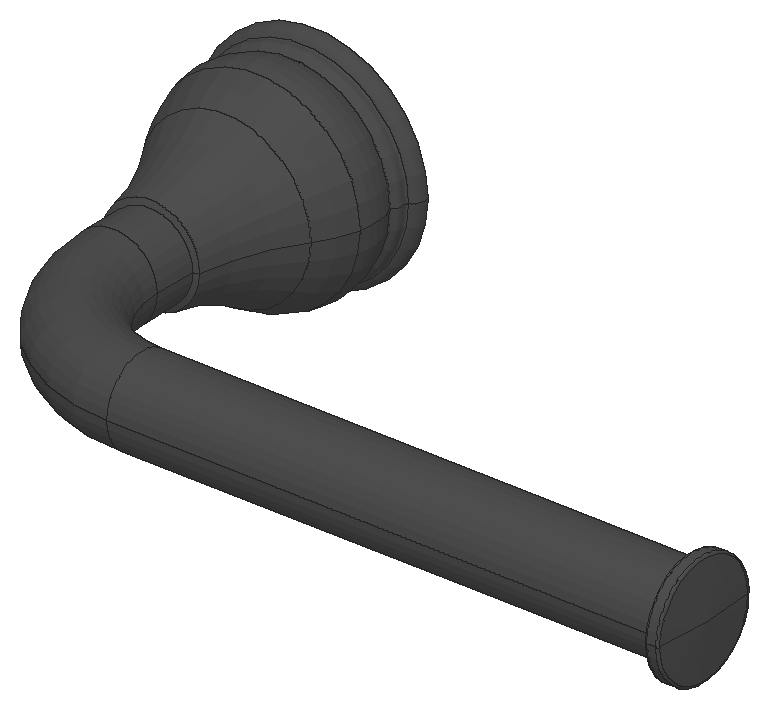
Revit family "Reece_Accessory_Milli_Monument Edit_Toilet Roll Holder", category Plumbing Fixtures, Revit 2018
Family settings
  Round Connector Dimension = Use Diameter
  Part Type = Normal
  Work Plane-Based = Yes
  Always vertical = Yes
  Cut with Voids When Loaded = Yes
  Shared = Yes
  Room Calculation Point = Yes
Parameters (values of type "Matte Black")
  URL = "https://www.reece.com.au/product/-2265440"
  Type Comments = "Accessory"
  Reece_Product_Web Page = "https://www.reece.com.au/product/-2265440"
  Reece_Product_Type = "Accessory"  # constant formula
  Reece_Product_Sub Brand = "Monument Edit"  # constant formula
  Reece_Product_Number = "2265440"
  Reece_Product_Mount = "Wall Mounted"
  Reece_Product_Description = "Milli Monument Edit Toilet Roll Holder Matte Black"
  Reece_Product_Brand = "Milli"  # constant formula
  Reece_Overall_Width = 95 mm  # constant formula
  Reece_Overall_Length = 180 mm  # constant formula
  Reece_Overall_Height = 50 mm  # constant formula
  Reece_Material_Main = Reece_Brass_Matte Black
  Reece_Height_From_Level [instance] = 500 mm
  Reece_Detail_Installation = "Wall Mounted"  # constant formula
  Reece_Detail_Disclaimer = "THIS FILE IS THE PROPERTY OF THE REECE GROUP. IT MAY NOT BE REPRODUCED, REVERSE-ENGINEERED, OR MODIFIED. ANY REPUBLICATION, TRANSMISSION, OR DISTRIBUTION FOR THE PURPOSE OF COMMERCIALLY EXPLOITING THE FILES IS PROHIBITED."  # constant formula
  Reece_Detail_Additional = "Toilet Roll Holder"  # constant formula
  Model = "Monument Edit"
  Manufacturer = "Milli"
  Keynote = "Product #2265440, Reece_Accessory_Milli_Monument Edit_Toilet Roll Holder - Matte Black"
  Disclaimer = "THIS FILE IS THE PROPERTY OF THE REECE GROUP. IT MAY NOT BE REPRODUCED, REVERSE-ENGINEERED, OR MODIFIED. ANY REPUBLICATION, TRANSMISSION, OR DISTRIBUTION FOR THE PURPOSE OF COMMERCIALLY EXPLOITING THE FILES IS PROHIBITED."  # constant formula
  Description = "Milli Monument Edit Toilet Roll Holder Matte Black"
  Default Elevation = 0 mm
Types (5, lengths in mm): name | URL | Reece_Product_Web Page | Reece_Product_Number | Reece_Product_Description | Reece_Material_Main | Keynote | Description
  Chrome | "https://www.reece.com.au/product/-2265318" | "https://www.reece.com.au/product/-2265318" | "2265318" | "Milli Monument Edit Toilet Roll Holder Chrome" | Reece_Brass_Chrome | "Product #2265318, Reece_Accessory_Milli_Monument Edit_Toilet Roll Holder - Chrome" | "Milli Monument Edit Toilet Roll Holder Chrome"
  Matte Black | "https://www.reece.com.au/product/-2265440" | "https://www.reece.com.au/product/-2265440" | "2265440" | "Milli Monument Edit Toilet Roll Holder Matte Black" | Reece_Brass_Matte Black | "Product #2265440, Reece_Accessory_Milli_Monument Edit_Toilet Roll Holder - Matte Black" | "Milli Monument Edit Toilet Roll Holder Matte Black"
  Brushed Gunmetal | "https://www.reece.com.au/product/-2265562" | "https://www.reece.com.au/product/-2265562" | "2265562" | "Milli Monument Edit Toilet Roll Holder Brushed Gunmetal" | Reece_Brass_Brushed Gunmetal | "Product #2265562, Reece_Accessory_Milli_Monument Edit_Toilet Roll Holder - Brushed Gunmetal" | "Milli Monument Edit Toilet Roll Holder Brushed Gunmetal"
  Brushed Nickel | "https://www.reece.com.au/product/-2265501" | "https://www.reece.com.au/product/-2265501" | "2265501" | "Milli Monument Toilet Roll Holder Brushed Nickel" | Reece_Brass_Brushed Nickel | "Product #2265501, Reece_Accessory_Milli_Monument Edit_Toilet Roll Holder - Brushed Nickel" | "Milli Monument Toilet Roll Holder Brushed Nickel"
  Brushed Gold | "https://www.reece.com.au/product/-2266249" | "https://www.reece.com.au/product/-2266249" | "2266249" | "Milli Monument Edit Toilet Roll Holder Brushed Gold" | Reece_Brass_Brushed Gold | "Product #2266249, Reece_Accessory_Milli_Monument Edit_Toilet Roll Holder - Brushed Gold" | "Milli Monument Edit Toilet Roll Holder Brushed Gold"
Reference planes
  plane 1 "Center (Front/Back)": y = 0
  plane 2 "Bottom Host Plane": z = -5
  plane 3 "Center (Left/Right)": x = 0
  plane 4 "Height From Floor": z = 500
  plane 5: y = -95
  plane 6: z = 525
  plane 7: x = -90
  plane 8: x = 90
  plane 9: z = 475
Forms (mm)
  Sweep 1, solid, material "Reece_Brass_Matte Black" <- "Reece_Material_Main"
    path origin (0, 0, 500) x (-1, 0, 0) y (0, -1, 0)
      loop
        line (74.532, 45.296) -> (74.532, 54.996)
        arc (74.532, 54.996) -> (62.817, 83.28) -> (34.532, 94.996) r 40
        line (34.532, 94.996) -> (-85.668, 94.996)
    profile origin (-74.532, -50.146, 500) x (1, 0, 0) y (0, 0, 1)
      loop
        circle (9.5, 0) r 9.5
  Revolve 2, solid, material "Reece_Brass_Matte Black" <- "Reece_Material_Main"
    sketch origin (59.968, 75, 500) x (-1, 0, 0) y (0, -1, 0)
      loop
        line (-30.032, 160.496) -> (-25.7, 160.496) -> (-25.7, 169.916) -> (-26.032, 170.738) -> (-26.032, 172.471)
        arc (-26.032, 172.471) -> (-26.186, 172.842) -> (-26.557, 172.996) r 0.525
        line (-26.557, 172.996) -> (-28.558, 172.996)
        arc (-28.558, 172.996) -> (-28.919, 172.862) -> (-29.107, 172.526) r 0.555
        arc (-29.107, 172.526) -> (-29.801, 166.529) -> (-30.032, 160.496) r 78.625
      axis (-30.032, 160.496) -> (-25.7, 160.496)
    angle from 0 to 360
  Revolve 3, solid, material "Reece_Brass_Matte Black" <- "Reece_Material_Main"
    sketch origin (59.968, 75, 500) x (-1, 0, 0) y (0, -1, 0)
      loop
        line (125, 75) -> (125, 120.296) -> (115.5, 120.296) -> (114.248, 119.791)
        arc (114.248, 119.791) -> (111.39, 109.167) -> (106.242, 99.445) r 49.173
        arc (106.242, 99.445) -> (103.856, 95.265) -> (102.169, 90.757) r 30
        arc (102.169, 90.757) -> (101.722, 86.232) -> (102.894, 81.838) r 12.736
        spline (102.894, 81.838) -> (102.991, 81.615) -> (102.904, 81.366) -> (102.696, 81.092) -> (102.429, 80.792) -> (102.169, 80.466) -> (101.978, 80.113) -> (101.901, 79.737) -> (101.909, 79.356) -> (101.948, 78.994) -> (101.966, 78.672) -> (101.912, 78.415) -> (101.735, 78.244)
        arc (101.735, 78.244) -> (100.357, 76.898) -> (100.032, 75) r 3.12
        line (100.032, 75) -> (125, 75)
      axis (125, 120.296) -> (125, 75)
    angle from 0 to 360
Cuts and joins
  joined: Sweep 1, Revolve 2, Revolve 3
Lines and regions (mm)
  model lines, style "InvisibleLines"
    curve 1: line (0, 0, -5) -> (0, 0, 500)
Text (mm)
  text "Reece ©" at (2668.853, -2395.367, 2952.593), in view "Reece Preview"
  text "Reece Copyright © 2018, Reece Ltd." at (-247.475, -190.626, 0), in view "Ref. Level"
Dimensions and locks
  plane 2 "Bottom Host Plane" to level = 5 mm
  locked: level to plane 2 "Bottom Host Plane" at 5
  "Reece_Height_From_Level": plane 4 "Height From Floor" to level
  "Reece_Overall_Height": plane 6 to plane 9
  "Reece_Overall_Width": plane 1 "Center (Front/Back)" to plane 5
  equal spacing: plane 7, plane 3 "Center (Left/Right)", plane 8
  "Reece_Overall_Length": plane 8 to plane 7
  locked: plane 6 to plane 4 "Height From Floor" at 25
  aligned and locked: plane 2 "Bottom Host Plane" to curve 1
  aligned and locked: plane 4 "Height From Floor" to curve 1
  aligned and locked: Revolve 3 to plane 1 "Center (Front/Back)"
  aligned and locked: plane 4 "Height From Floor" to Revolve 3
  aligned and locked: plane 4 "Height From Floor" to Revolve 2
Automatic sketch dimensions
  plane 3 "Center (Left/Right)" to curve 1 = 0 mm
  Sweep 1 sketch curve to profile plane = 0 mm
  Sweep 1 sketch curve to profile plane = 9.5 mm
  plane 8 to Revolve 2 sketch curve = 0 mm
  Revolve 2 sketch curve to Revolve 2 sketch curve = 1.474 mm
  Revolve 2 sketch curve to Revolve 2 sketch curve = 2.001 mm
  Revolve 2 sketch curve to Revolve 2 sketch curve = 0.525 mm
  Revolve 2 sketch curve to Revolve 2 sketch curve = 4.332 mm
  plane 8 to Revolve 2 sketch curve = 78.625 mm
  plane 1 "Center (Front/Back)" to Revolve 2 sketch curve = 85.496 mm
  Revolve 2 sketch curve to Revolve 2 sketch curve = 0 mm  (x2)
  Revolve 2 sketch curve to Revolve 2 sketch curve = 9.42 mm
  Revolve 2 sketch curve to Revolve 2 sketch curve = 0.822 mm
  Revolve 2 sketch curve to Revolve 2 sketch curve = 1.703 mm
  Revolve 2 sketch curve to Revolve 2 sketch curve = 1.733 mm
  Revolve 2 sketch curve to Revolve 2 sketch curve = 53.568 mm
  Revolve 2 sketch curve to plane 7 = 18.679 mm
  plane 1 "Center (Front/Back)" to Revolve 3 sketch curve = 0 mm
  plane 1 "Center (Front/Back)" to Revolve 3 sketch curve = 3.244 mm
  Revolve 3 sketch curve to Revolve 3 sketch curve = 1.702 mm
  plane 1 "Center (Front/Back)" to Revolve 3 sketch curve = 6.838 mm
  Revolve 3 sketch curve to Revolve 3 sketch curve = 1.159 mm
  plane 1 "Center (Front/Back)" to Revolve 3 sketch curve = 0.448 mm
  plane 7 to Revolve 3 sketch curve = 35.72 mm
  Revolve 3 sketch curve to Revolve 3 sketch curve = 11.522 mm
  Revolve 3 sketch curve to Revolve 3 sketch curve = 10.752 mm
  Revolve 3 sketch curve to Revolve 3 sketch curve = 6.018 mm
  plane 1 "Center (Front/Back)" to Revolve 3 sketch curve = 7.529 mm
  plane 1 "Center (Front/Back)" to Revolve 3 sketch curve = 12.264 mm
  Revolve 3 sketch curve to Revolve 3 sketch curve = 0.505 mm
  Revolve 3 sketch curve to Revolve 3 sketch curve = 0.725 mm
  Revolve 3 sketch curve to Revolve 3 sketch curve = 0 mm  (x5)
  Revolve 3 sketch curve to Revolve 3 sketch curve = 4.074 mm
  Revolve 3 sketch curve to Revolve 3 sketch curve = 1.252 mm
  plane 7 to Revolve 3 sketch curve = 24.968 mm
  Revolve 3 sketch curve to plane 1 "Center (Front/Back)" = 1301.51 mm
  Revolve 3 sketch curve to plane 5 = 793.756 mm
  Revolve 3 sketch curve to Revolve 3 sketch curve = 20.346 mm
  plane 5 to Revolve 3 sketch curve = 42.828 mm
  Revolve 3 sketch curve to Revolve 3 sketch curve = 21.88 mm
  Revolve 3 sketch curve to plane 3 "Center (Left/Right)" = 5.665 mm
  plane 5 to Sweep 1 sketch curve = 0.004 mm
  Sweep 1 sketch curve to plane 3 "Center (Left/Right)" = 34.532 mm
  plane 7 to Sweep 1 sketch curve = 15.468 mm
  plane 8 to Sweep 1 sketch curve = 4.332 mm
  Sweep 1 sketch curve to Sweep 1 sketch curve = 9.7 mm
  radius of Sweep 1 sketch curve = 9.5 mm
